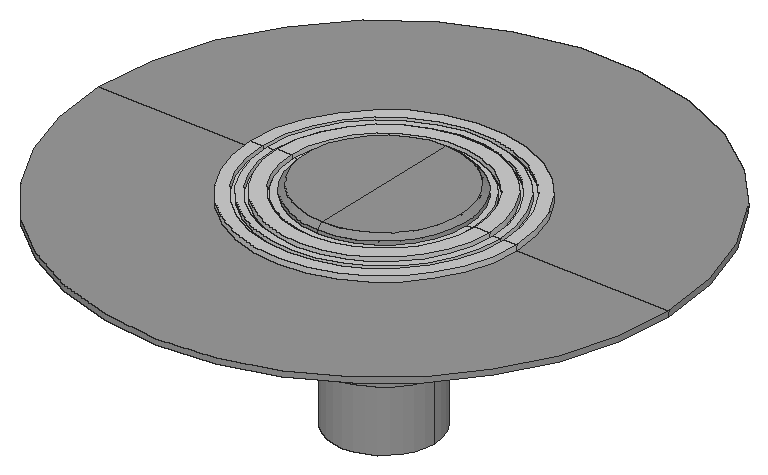
Revit family "HL_Трап для балконов и террас_HL310NKH", category Instalační zařizovací předměty, Revit 2016
Family settings
  Typ součásti = Normální
  Kóta kulaté spojky = Použít průměr
  Číslo OmniClass = 23.70.50.21.24.14
  Nadpis OmniClass = Deck Waste Water Drains
  Založené na pracovní rovině = Ne
  Vždy vertikální = Ano
  Ořezat dutým tvarem při načtení = Ne
  Sdílené = Ne
  Bod výpočtu místnosti = Ano
Parameters (values of type "HL_Трап для балконов и террас_HL310NKH")
  РАЗМЕР = "DN50/75/110"
  ПРОПУСКНАЯ СПОСОБНОСТЬ [instance] = 0.0 L/s
  ПРОИЗВОДИТЕЛЬНОСТЬ = "1,65 l/s"
  ПРАВОВАЯ ИНФОРМАЦИЯ = "\"Авторские права(©), права на дизайн или какие либо другие права интелектуальной собственности являются исключительной собственностью компании HL Hutterer & Lechner. Изменению не подлежит. Файл семейства с данными о прозводителе изделия защищен паролем с водяным знаком.\""
  НОМИНАЛЬНЫЙ ДИАМЕТР [instance] = 75 mm
  МАТЕРИАЛ = "PE"
  ВЫСОТА МОНТАЖА = "144mm"
  ВЕС = "1,12 kg"
  Výrobce = "HL Hutterer & Lechner GmbH"
  URL = "http://www.hutterer-lechner.com/ru/products/catalog/roof-drains/HL310NKH.aspx"
  Материал плитка [instance] = none
  Připojení ventilace = no
  Připojení odpadu = yes
  Připojení HW = no
  Připojení CW = no
  Popis = "Трап для балконов и террас"
  Model = "HL310NKH"
  Assembly Code = " "
  Komentáře k typům = "Корпус трапа DN50/75/110 с полимербитумным полотном"
  Keynote = "HL310NKH"
  IH [instance] = Высота монтажа 1 + Высота монтажа 2  # 0 mm
  Высота монтажа 2 [instance] = 0 mm
  Высота монтажа 1 [instance] = 0 mm
  G [instance] = 180.00°  # constant formula
  EAN = "9003076037018"
  D [instance] = 117 mm  # constant formula
  C [instance] = if(IH - 68 mm < 0 mm, 0 mm, IH - 68 mm)  # 0 mm
  B [instance] = IH + 31 mm  # 31 mm
  A [instance] = if(B - 100 mm > 15 mm, B - 100 mm, 15 mm)  # 15 mm
Reference planes
  plane 1 "Center (Front/Back)": y = 0
  plane 2: z = 0
  plane 3 "Center (Left/Right)": x = 0
  plane 4: z = -31
  plane 5: z = 0
  plane 6: z = 0
Lines and regions (mm)
  model lines, style "InvisibleLines"
    curve 1: line (0, 0, 0) -> (0, 0, 20)
  model lines, style "PlumbingFixtures", detail levels coarse+medium
    curve 2: line (0, 0, -31) -> (0, 0, -16)
    curve 3: line (0, 0, -16) -> (-16, 0, 0)
    curve 4: line (0, 0, -16) -> (16, 0, 0)
    curve 6: line (0, 0, -31) -> (0, 0, -148)
  reference lines, not visible
    curve 5: line (0, 0, -31) -> (0, 0, -148)
  symbolic lines, style "PlumbingFixtures", detail levels coarse+medium
    curve 7: line (-75, 75, 0) -> (75, 75, 0)
    curve 8: line (-75, -75, 0) -> (-75, 75, 0)
    curve 9: line (75, -75, 0) -> (-75, -75, 0)
    curve 10: line (75, 75, 0) -> (75, -75, 0)
    curve 11: line (-75, 75, 0) -> (-145.711, 145.711, 0)
    curve 12: line (75, 75, 0) -> (145.711, 145.711, 0)
    curve 13: line (-75, -75, 0) -> (-145.711, -145.711, 0)
    curve 14: line (75, -75, 0) -> (145.711, -145.711, 0)
  symbolic lines, style "PlumbingFixtures", not visible, detail levels coarse+medium
    curve 15: line (-75, 75, 0) -> (75, 75, 0)
    curve 16: line (-75, -75, 0) -> (-75, 75, 0)
    curve 17: line (75, -75, 0) -> (-75, -75, 0)
    curve 18: line (75, 75, 0) -> (75, -75, 0)
    curve 19: line (-75, 75, 0) -> (-145.711, 145.711, 0)
    curve 20: line (75, 75, 0) -> (145.711, 145.711, 0)
    curve 21: line (-75, -75, 0) -> (-145.711, -145.711, 0)
    curve 22: line (75, -75, 0) -> (145.711, -145.711, 0)
Text (mm)
  text "FLOOR" at (-162.344, 0, -10.979), in view "вид строительства"
Dimensions and locks
  "B": plane 2 to plane 4
  "IH": plane 2 to plane 5
  "A": curve 4 to plane 4
  "D": curve 5 to curve 5
  "D": curve 6 to curve 6
  "Высота монтажа 1": plane 2 to plane 6
  locked: curve 4 to plane 3 "Center (Left/Right)" (angle 45.00°)
  locked: plane 3 "Center (Left/Right)" to curve 3 (angle 45.00°)
  "G": angle curve 5 to plane 3 "Center (Left/Right)"
  aligned and locked: level to plane 2
  aligned and locked: plane 2 to curve 4
  aligned and locked: plane 2 to curve 3
  aligned and locked: plane 4 to curve 5
  aligned and locked: plane 3 "Center (Left/Right)" to curve 5
  aligned and locked: plane 4 to curve 2
  aligned and locked: plane 3 "Center (Left/Right)" to curve 6
  aligned and locked: plane 4 to curve 6
  aligned and locked: nested 2 to plane 5
  aligned and locked: plane 3 "Center (Left/Right)" to nested 2
  aligned and locked: plane 2 to nested 1
  aligned and locked: plane 3 "Center (Left/Right)" to nested 1
Automatic sketch dimensions
  curve 2 to plane 3 "Center (Left/Right)" = 0 mm
  curve 1 to plane 3 "Center (Left/Right)" = 0 mm
  curve 1 to level = 0 mm
  level to curve 1 = 20 mm
Nested families
  nested 1: "HL-Вспомогательные материалы-Противопожарная защита-HL181" at (0, 0, -18.16), type "HL-Вспомогательные материалы-Противопожарная защита-HL181"
  nested 2: "HL-Корпус трапа-HL310NKH" at (0, 0, 0), Высота монтажа <- "Высота монтажа 1", type "HL-Корпус трапа-HL310NKH"
Connectors
  piping at (0, 0, -148), diameter 75, driven by "ПРОПУСКНАЯ СПОСОБНОСТЬ", driven by "НОМИНАЛЬНЫЙ ДИАМЕТР"
    settings: on curve 5, index 1, connector inside diameter 609.6 mm, connector length 0 mm, flow factor 0, pipe flow 0.0 L/s, pressure drop 0.0 Pa, fitting loss kfactor 0, connector angle 0.00°, fixture units 0, engagement length 0 mm, angle of deflection 0.00°, flow configuration 1, flow direction 2, fitting loss method 0, system type 16, joint type 0, gender type 0, connector reference index -1, connector utility 0, adjustable connector yes, is connector primary yes, connector description ""
Definition of nested family "HL-Вспомогательные материалы-Противопожарная защита-HL181"
  Parameters (values of type "HL-Вспомогательные материалы-Противопожарная защита-HL181")
    ПРАВОВАЯ ИНФОРМАЦИЯ = "Авторские права(©), права на дизайн или какие либо другие права интелектуальной собственности являются исключительной собственностью компании HL Hutterer & Lechner. Изменению не подлежит. Файл семейства с данными о прозводителе изделия защищен паролем с водяным знаком."
    МАТЕРИАЛ = "PP"
    ВЕС = "0,044 [kg]"
    Manufacturer = "HL Hutterer & Lechner GmbH"
    URL = "http://www.hutterer-lechner.com/ru/products/catalog/roof-drains/HL181.aspx"
    Материал плитка = none
    Description = "Кровельные воронки"
    Model = "HL181"
    Type Comments = "HL181, Решётка-листвоуловитель для трапов для балконов и террас серии HL80, HL90 и HL310NK, HL510NK"
    Keynote = "HL181"
    Пропускная способность [instance] = 0.0 L/s
    EAN = "9003076028993"
    Cost = 0
  Reference planes
    plane 1 "Střed (vpředu/vzadu)": y = 0
    plane 2: z = 0
    plane 3 "Střed (vlevo/vpravo)": x = 0
  Forms (mm)
    Revolve 1, solid, detail levels fine
      sketch origin (0, 0, 0) x (0, 1, 0) y (0, 0, 1)
        loop
          line (55.35, 0) -> (55.35, 18.16) -> (61.008, 18.16) -> (61.008, 24.316) -> (57.324, 28) -> (0, 28) -> (0, 18.16) -> (45.972, 18.16) -> (49.174, 0) -> (55.35, 0)
        axis (0, 28) -> (0, 0)
      angle from 0 to 360
  Dimensions and locks
    aligned and locked: level to plane 2
Definition of nested family "HL-Корпус трапа-HL310NKH"
  Parameters (values of type "HL-Корпус трапа-HL310NKH")
    РАЗМЕР = "DN50/75/110"
    ПРОИЗВОДИТЕЛЬНОСТЬ = "1,65 l/s"
    ПРАВОВАЯ ИНФОРМАЦИЯ = "\"Авторские права(©), права на дизайн или какие либо другие права интелектуальной собственности являются исключительной собственностью компании HL Hutterer & Lechner. Изменению не подлежит. Файл семейства с данными о прозводителе изделия защищен паролем с водяным знаком.\""
    МАТЕРИАЛ = "PE"
    ВЫСОТА МОНТАЖА = "144mm"
    ВЕС = "1,12 kg"
    Manufacturer = "HL Hutterer & Lechner GmbH"
    URL = "http://www.hutterer-lechner.com/ru/products/catalog/roof-drains/HL310NKH.aspx"
    Description = "Корпус трапа"
    Model = "HL310NKH"
    материал 2 = none
    Материал = none
    Type Comments = "Корпус трапа DN50/75/110 с полимербитумным полотном"
    Keynote = "HL310NKH"
    Высота монтажа [instance] = 0 mm
    EAN = "9003076037018"
    Cost = 0
  Reference planes
    plane 1 "Střed (vpředu/vzadu)": y = 0
    plane 2: z = 0
    plane 3 "Střed (vlevo/vpravo)": x = 0
  Forms (mm)
    Revolve 1, solid, material <- "Материал", detail levels fine
      sketch origin (0, 0, 0) x (1, 0, 0) y (0, 0, 1)
        loop
          line (0, -148.396) -> (0, -90.396) -> (-52.039, -90.396) -> (-52.039, -25.924) -> (-55.401, -25.924) -> (-55.401, -4) -> (-60.955, -4) -> (-60.955, 0) -> (-209.98, 0) -> (-209.98, -4) -> (-99.98, -4) -> (-99.98, -8) -> (-93.026, -8) -> (-93.026, -11.5) -> (-77.236, -11.5) -> (-77.236, -27.5) -> (-68.306, -27.5) -> (-68.306, -11.5) -> (-58.306, -11.5) -> (-58.306, -31) -> (-55.001, -31) -> (-55.001, -93.396) -> (-37.5, -93.396) -> (-37.5, -148.396) -> (0, -148.396)
        axis (0, 0) -> (0, -148.396)
      angle from 0 to 360
    Revolve 2, solid, material <- "материал 2", detail levels fine
      sketch origin (0, 0, 0) x (1, 0, 0) y (0, 0, 1)
        loop
          line (-97.921, 0) -> (-56.537, 0) -> (-56.537, 1.199) -> (-60.111, 1.199) -> (-60.111, 4.023) -> (-65.761, 4.023) -> (-65.761, 1.199) -> (-67.692, 1.199) -> (-67.692, 5.3) -> (-78.171, 5.3) -> (-78.171, 1.199) -> (-80.849, 1.199) -> (-80.849, 3.984) -> (-85.849, 3.984) -> (-85.849, 1.199) -> (-89.133, 1.199) -> (-89.133, 3.984) -> (-97.921, 3.984) -> (-97.921, 0)
        axis (0, 5.3) -> (0, 0)
      angle from 0 to 360
  Dimensions and locks
    aligned and locked: level to plane 2
